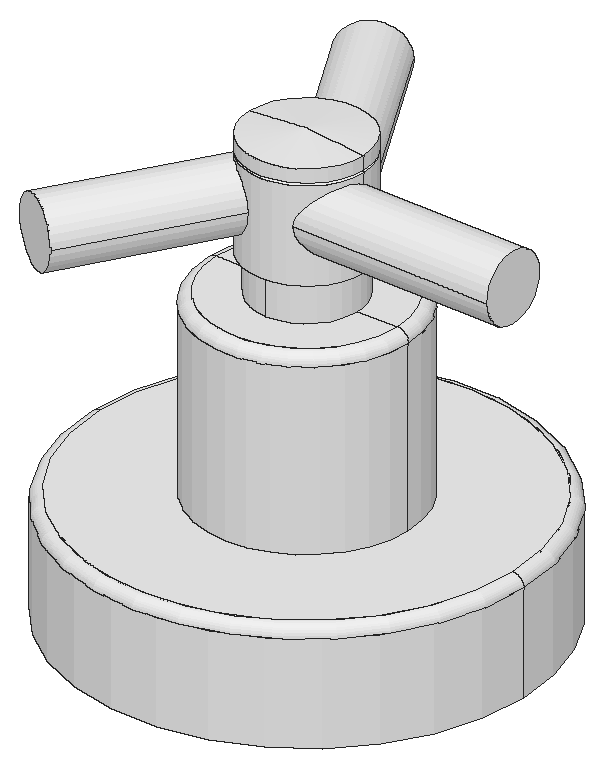
Revit family "Incepa_Zip_Acabamento Registro Base_1.2-3.4-1", category Plumbing Fixtures, host Face, Revit 2014
Parameters (values of type "Para base Celite 1/2", 3/4" e 1"")
  Waste Connection = no
  WFU = 0
  Vent Connection = no
  URL = "http://www.incepa.com.br"
  Type Comments = ""
  Selo de Qualidade ofcdesk = "Standard"
  Outros Complementos [instance] = "N/A"
  Model = "B5010I9CR3"
  Metais [instance] = Celite - Cromado
  Manufacturer = "Incepa"
  Keynote = ""
  Incepa: Versão = "Autodesk Revit MEP 2014"
  Incepa: Tipo = "Acabamentos"
  Incepa: Produto = "Metais"
  Incepa: Norma = "ABNT NBR 10283: 2008 - Requisitos e métodos de ensaio"
  Incepa: Linha = "Incepa One"
  Incepa: Informações Técnicas [instance] = "N/A"
  Incepa: Informações Gerais [instance] = "N/A"
  Incepa: Fabricante = "Incepa"
  Incepa: Descrição = "Acabamento de registro para base Incepa 1/2\", 3/4\" e 1\" (B5010I9CR3), linha Incepa One - Metais Incepa"
  Incepa: Código = "B5010I9CR3"
  Incepa: Cores Disponíveis = "Cromado"
  Incepa: Copyright © = "© 2014 Incepa"
  Incepa: Complementos = "N/A"
  Incepa: Categoria = "Lavatório"
  Incepa: Altura da Peça [instance] = 0 mm
  HWFU = 0
  HW Connection = no
  Desenvolvido por = "ofcdesk"
  Description = "Acabamento de registro para base Incepa 1/2\", 3/4\" e 1\" (B5010I9CR3), linha Incepa One - Metais Incepa"
  Default Elevation = 1200 mm
  Cost = 0
  Celite: Vazão de Projeto [instance] = 0.00 L/s
  CWFU = 0
  CW Connection = no
  Assembly Code = "D2010"
Reference planes
  plane 1 "Center (Front/Back)": y = 0
  plane 2: z = 0
  plane 3 "Center (Left/Right)": x = 0
  plane 4: z = 60
  plane 5: z = 52
Forms (mm)
  Sweep 1, solid, material "Celite - Cromado" <- "Metais"
    path origin (0, 0, 0) x (1, 0, 0) y (0, 1, 0)
      loop
        circle (0, 0) r 30
    profile origin (0, 30, 0) x (0, -1, 0) y (0, 0, 1)
      loop
        line (0, 0) -> (3.978, 0) -> (3.978, 15) -> (1.5, 15)
        arc (1.5, 15) -> (0.439, 14.561) -> (0, 13.5) r 1.5
        line (0, 13.5) -> (0, 0)
  Extrusion 2, solid, material "Celite - Cromado" <- "Metais"
    sketch origin (0, 0, 15) x (1, 0, 0) y (0, 1, 0)
      loop
        circle (0, 0) r 10.598
      loop
        circle (0, 0) r 26.022
    from 0 to -3
  Extrusion 3, solid, material "Celite - Cromado" <- "Metais"
    sketch origin (0, 0, 44.797) x (0, 1, 0) y (1, 0, 0)
      loop
        circle (0, 0) r 7
      loop
        circle (0, 0) r 5
    from 0 to 5.129
  Sweep 4, solid, material "Celite - Cromado" <- "Metais"
    path origin (-1524, -4572, 52) x (-1, 0, 0) y (0, -1, 0)
      loop
        line (-1524, -4569.5) -> (-1554.489, -4569.5)
    profile origin (15.245, -2.5, 52) x (0, 1, 0) y (0, 0, 1)
      loop
        circle (0, 0) r 4.5
  Revolve 5, solid, material "Celite - Cromado" <- "Metais"
    sketch origin (0, 0, -5) x (1, 0, 0) y (0, 0, 1)
      loop
        line (0, 49.797) -> (0, 65)
        arc (0, 65) -> (-3.953, 64.824) -> (-7.875, 64.296) r 44.421
        line (-7.875, 64.296) -> (-7.875, 62.505) -> (-6.746, 62.505) -> (-7.875, 62.138) -> (-7.875, 49.797) -> (0, 49.797)
      axis (0, 65) -> (0, 49.797)
    angle from 0 to 360
  Revolve 6, solid, material "Celite - Cromado" <- "Metais"
    sketch origin (0, 0, 0) x (1, 0, 0) y (0, 0, 1)
      loop
        line (-10.598, 15) -> (-10.598, 37) -> (-7, 37) -> (-7, 39.667) -> (-12.5, 39.667)
        arc (-12.5, 39.667) -> (-13.561, 39.228) -> (-14, 38.167) r 1.5
        line (-14, 38.167) -> (-14, 15) -> (-10.598, 15)
      axis (0, 39.667) -> (0, 15)
    angle from 0 to 360
  Sweep 7, solid, material "Celite - Cromado" <- "Metais"
    path origin (4721.468, 966.177, 52) x (0.5, -0.866025, 0) y (0.866025, 0.5, 0)
      loop
        line (-1524, -4569.5) -> (-1554.489, -4569.5)
    profile origin (-5.457, 14.452, 52) x (-0.866025, -0.5, 0) y (0, 0, 1)
      loop
        circle (0, 0) r 4.5
  Sweep 8, solid, material "Celite - Cromado" <- "Metais"
    path origin (-3197.468, 3605.823, 52) x (0.5, 0.866025, 0) y (-0.866025, 0.5, 0)
      loop
        line (-1524, -4569.5) -> (-1554.489, -4569.5)
    profile origin (-9.787, -11.952, 52) x (0.866025, -0.5, 0) y (0, 0, 1)
      loop
        circle (0, 0) r 4.5
Cuts and joins
  joined: Sweep 1, Extrusion 2, Extrusion 3, Sweep 4, Revolve 5, Revolve 6, Sweep 7, Sweep 8
Dimensions and locks
  locked: plane 4 to level at 60
  plane 4 to Revolve 5 sketch curve to Revolve 5 sketch curve = 0.704 mm locked, 14.5 mm locked
  radius of Revolve 6 sketch curve = 1.5 mm
  radius of Revolve 5 sketch curve = 44.421 mm
  aligned and locked: plane 2 to host face
  aligned and locked: level to host face
  aligned and locked: plane 4 to Revolve 5 sketch curve  (x2)
